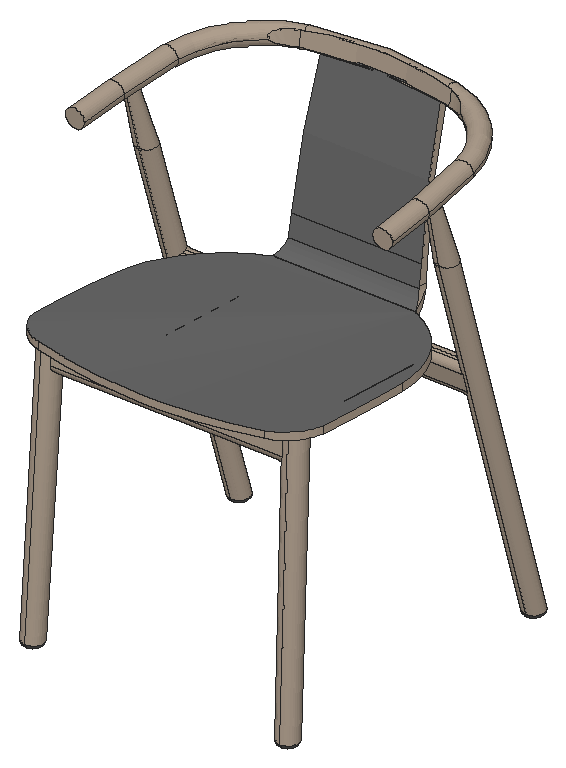
Revit family "Haworth_Bac_Chair", category Furniture, Revit 2018
Family settings
  OmniClass Number = 23.40.20.00
  OmniClass Title = General Furniture and Specialties
  Work Plane-Based = No
  Always vertical = Yes
  Cut with Voids When Loaded = No
  Shared = No
  Room Calculation Point = No
Parameters (values of type "HCCE-BAC-L")
  Width = "21 in."  # constant formula
  Warranty = "http://www.haworth.com/resources/product-info/warranties"
  URL - Product = "http://www.haworth.com/products/Seating/Visitor-Conference-Chairs/bac"
  URL = "http://www.haworth.com/our-brands/haworth-collection"
  Size = "Verify Final Dim. w/ Haworth"  # constant formula
  Seat Finish [instance] = Haworth _ Linoleum _ Black E8-307
  Revision = "4"  # constant formula
  Model = "HCCE-BAC-L"
  Manufacturer = "Haworth"  # constant formula
  Glide Finish = Haworth _ Polymer _ Black
  Depth = "20 in."  # constant formula
  Height = "29 in."  # constant formula
  Description = "Haworth Bac Chair"
  Base Finish [instance] = Haworth _ Wood _ Stained Ash _ White
  Author = "Haworth (Hampton)"  # constant formula
  Assembly Code = "E2020200"
Reference planes (in)
  plane 1 "Center Front/Back": y = 0
  plane 2: z = 0
  plane 3 "Center Left/Right": x = 0
  plane 4: z = 16.47948
  plane 5 "Side Support Bottom": through (-5.23079, -180, 15.03608) normal (-0.06, 0, 0.9982)
Forms (in)
  Extrusion 1, solid, material "Haworth _ Wood _ Stained Ash _ White" <- "Base Finish"
    sketch origin (0.25, 0, 0) x (0, -1, 0) y (0, 0, 1)
      loop
        line (-9.97751, 27.49659) -> (-10.38335, 27.33262)
        arc (-10.38335, 27.33262) -> (-9.14647, 23.17212) -> (-8.44602, 18.88854) r 34.2308
        arc (-8.44602, 18.88854) -> (-8.34881, 18.18128) -> (-8.19826, 17.48343) r 9.4093
        arc (-8.19826, 17.48343) -> (-7.73456, 16.77993) -> (-7.0414, 16.30091) r 2.21156
        line (-7.0414, 16.30091) -> (-7.0414, 16.7905)
        arc (-7.0414, 16.7905) -> (-7.47893, 17.14707) -> (-7.78232, 17.62302) r 1.77406
        arc (-7.78232, 17.62302) -> (-7.92074, 18.27309) -> (-8.01065, 18.93163) r 8.9718
        arc (-8.01065, 18.93163) -> (-8.72159, 23.27668) -> (-9.97751, 27.49659) r 34.6683
    from -5.50008 to 5.5
  Extrusion 2, void
    sketch origin (0.25, 0, 0) x (1, 0, 0) y (0, 0, 1)
      loop
        line (3.4933, 28.75685) -> (3.87678, 17.77535)
        arc (3.87678, 17.77535) -> (4.542, 16.53863) -> (5.92831, 16.31473) r 1.5861
        line (5.92831, 16.31473) -> (5.92831, 29.30328) -> (3.4933, 28.75685)
    from -11.82778 to -7.0414
  Extrusion 3, void
    sketch origin (-0.25, 0, 0) x (-1, 0, 0) y (0, 0, -1)
      loop
        line (3.4933, -28.75685) -> (5.92831, -29.30328) -> (5.92831, -16.31473)
        arc (5.92831, -16.31473) -> (4.542, -16.53863) -> (3.87678, -17.77535) r 1.5861
        line (3.87678, -17.77535) -> (3.4933, -28.75685)
    from -11.82778 to -7.0414
  SweptBlend 4, solid, material "Haworth _ Wood _ Stained Ash _ White" <- "Base Finish"
    path origin (0, -3.75, 0) x (0, 1, 0) y (0, 0, -1)
      loop
        line (10.79085, -16.79018) -> (-5.18246, -17.71394)
    profile origin (0, 7.04085, 16.79018) x (0, 0.057735, 0.998332) y (-1, 0, 0)
      loop
        line (-0.48842, -9.20693) -> (0.00035, -9.20693) -> (0.00035, 9.24269) -> (-0.48842, 9.24269) -> (-0.48842, -9.20693)
    end profile origin (0, -8.93246, 17.71394) x (0, 0.057735, 0.998332) y (-1, 0, 0)
      loop
        line (0.20154, 9.24269) -> (-0.23353, 9.28867)
        arc (-0.23353, 9.28867) -> (-0.72296, 0) -> (-0.23353, -9.28867) r 88.38866
        line (-0.23353, -9.28867) -> (0.20154, -9.24269)
        arc (0.20154, -9.24269) -> (-0.28546, 0) -> (0.20154, 9.24269) r 87.95116
  Extrusion 5, void
    sketch origin (0, 0, 0) x (0, -1, 0) y (1, 0, 0)
      loop
        arc (-0.34474, 8.97738) -> (2.83448, 9.11081) -> (6.01648, 9.10432) r 72.35014
        arc (6.01648, 9.10432) -> (7.42448, 8.45634) -> (8.1691, 7.09697) r 2.46978
        arc (8.1691, 7.09697) -> (8.81656, 0) -> (8.1691, -7.09697) r 39.21981
        arc (8.1691, -7.09697) -> (7.42448, -8.45634) -> (6.01648, -9.10432) r 2.46978
        arc (6.01648, -9.10432) -> (2.83448, -9.11081) -> (-0.34474, -8.97738) r 72.35014
        arc (-0.34474, -8.97738) -> (-4.25801, -7.64909) -> (-6.97356, -4.53401) r 7.93926
        line (-6.97356, -4.53401) -> (-8.48329, -4.1011) -> (-9.40132, -11.5) -> (12.59868, -11.5) -> (12.59868, 0) -> (12.59868, 11.5) -> (-9.40132, 11.5) -> (-8.48329, 4.1011) -> (-6.97356, 4.53401)
        arc (-6.97356, 4.53401) -> (-4.25801, 7.64909) -> (-0.34474, 8.97738) r 7.93926
    from 15.56636 to 18.1434
  Blend 6, solid, material "Haworth _ Wood _ Stained Ash _ White" <- "Base Finish"
    base sketch origin (0, 0, 0) x (0, -1, 0) y (1, 0, 0)
      loop
        circle (7.48387, -8.04225) r 0.625
    top sketch origin (0, 0, 0) x (0, -1, 0) y (1, 0, 0)
      loop
        circle (6.47099, -7.74412) r 0.68674
    from 0.20929 to 17.18177
  Revolve 7, solid, material "Haworth _ Polymer _ Black" <- "Glide Finish"
    sketch origin (-8.04225, 0, 0) x (0, -1, 0) y (0, 0, 1)
      loop
        line (7.48387, 0.20929) -> (7.48387, 0) -> (7.93637, 0)
        arc (7.93637, 0) -> (8.05115, 0.08113) -> (8.10887, 0.20929) r 0.26718
        line (8.10887, 0.20929) -> (7.48387, 0.20929)
      axis (7.48387, 0.20929) -> (7.48387, 0)
    angle from 0 to 360
  Blend 8, solid, material "Haworth _ Wood _ Stained Ash _ White" <- "Base Finish"
    base sketch origin (0, 0, 0) x (0, -1, 0) y (1, 0, 0)
      loop
        circle (7.48387, 8.04225) r 0.625
    top sketch origin (0, 0, 0) x (0, -1, 0) y (1, 0, 0)
      loop
        circle (6.47099, 7.74412) r 0.68674
    from 0.20929 to 17.18177
  Revolve 9, solid, material "Haworth _ Polymer _ Black" <- "Glide Finish"
    sketch origin (8.04225, 0, 0) x (0, -1, 0) y (0, 0, -1)
      loop
        line (7.48387, -0.20929) -> (8.10887, -0.20929)
        arc (8.10887, -0.20929) -> (8.05115, -0.08113) -> (7.93637, 0) r 0.26718
        line (7.93637, 0) -> (7.48387, 0) -> (7.48387, -0.20929)
      axis (7.48387, -0.20929) -> (7.48387, 0)
    angle from 0 to 360
  Revolve 10, solid, material "Haworth _ Polymer _ Black" <- "Glide Finish"
    sketch origin (-9.2895, 17.81921, 0) x (0, -1, 0) y (0, 0, 1)
      loop
        line (7.48387, 0.20929) -> (7.48387, 0) -> (7.93637, 0)
        arc (7.93637, 0) -> (8.05115, 0.08113) -> (8.10887, 0.20929) r 0.26718
        line (8.10887, 0.20929) -> (7.48387, 0.20929)
      axis (7.48387, 0.20929) -> (7.48387, 0)
    angle from 0 to 360
  Blend 11, solid, material "Haworth _ Wood _ Stained Ash _ White" <- "Base Finish"
    base sketch origin (0, -0.04229, 0) x (0, -1, 0) y (1, 0, 0)
      loop
        circle (-10.37629, -9.2895) r 0.62366
    top sketch origin (0, -0.04229, 0) x (0, -1, 0) y (1, 0, 0)
      loop
        circle (-3.29662, -9.48354) r 0.625
    from 0.20929 to 23.0496
  Blend 12, solid, material "Haworth _ Wood _ Stained Ash _ White" <- "Base Finish"
    base sketch origin (0, 0, 0) x (0, -1, 0) y (1, 0, 0)
      loop
        circle (-3.25446, -9.48381) r 0.625
    top sketch origin (0, 0, 0) x (0, -1, 0) y (1, 0, 0)
      loop
        circle (-2.14176, -9.55574) r 0.40977
    from 23.0496 to 26.65264
  Revolve 13, solid, material "Haworth _ Polymer _ Black" <- "Glide Finish"
    sketch origin (9.2895, 17.81921, 0) x (0, -1, 0) y (0, 0, -1)
      loop
        line (7.48387, -0.20929) -> (8.10887, -0.20929)
        arc (8.10887, -0.20929) -> (8.05115, -0.08113) -> (7.93637, 0) r 0.26718
        line (7.93637, 0) -> (7.48387, 0) -> (7.48387, -0.20929)
      axis (7.48387, -0.20929) -> (7.48387, 0)
    angle from 0 to 360
  Blend 14, solid, material "Haworth _ Wood _ Stained Ash _ White" <- "Base Finish"
    base sketch origin (0, -0.04229, 0) x (0, -1, 0) y (1, 0, 0)
      loop
        circle (-10.37629, 9.2895) r 0.62366
    top sketch origin (0, -0.04229, 0) x (0, -1, 0) y (1, 0, 0)
      loop
        circle (-3.29662, 9.48354) r 0.625
    from 0.20929 to 23.0496
  Blend 15, solid, material "Haworth _ Wood _ Stained Ash _ White" <- "Base Finish"
    base sketch origin (0, 0, 0) x (0, -1, 0) y (1, 0, 0)
      loop
        circle (-3.25446, 9.48381) r 0.625
    top sketch origin (0, 0, 0) x (0, -1, 0) y (1, 0, 0)
      loop
        circle (-2.14176, 9.55574) r 0.40977
    from 23.0496 to 26.65264
  Extrusion 16, solid, material "Haworth _ Wood _ Stained Ash _ White" <- "Base Finish"
    sketch origin (0, 0.06004, -0.28021) x (0, -1, 0) y (0, 0, 1)
      loop
        line (-5.27723, 14.88548) -> (-4.92548, 16.0262)
        arc (-4.92548, 16.0262) -> (-4.95603, 16.33178) -> (-5.19604, 16.52338) r 0.3955
        line (-5.19604, 16.52338) -> (-5.40481, 16.58831)
        arc (-5.40481, 16.58831) -> (-5.70892, 16.56049) -> (-5.90429, 16.32579) r 0.399
        line (-5.90429, 16.32579) -> (-6.2538, 15.19232)
        arc (-6.2538, 15.19232) -> (-6.22504, 14.88785) -> (-5.98917, 14.69318) r 0.399
        line (-5.98917, 14.69318) -> (-5.78009, 14.62926)
        arc (-5.78009, 14.62926) -> (-5.47491, 14.65189) -> (-5.27723, 14.88548) r 0.3955
    from -9.22248 to 9.33228
  Extrusion 17, solid, material "Haworth _ Wood _ Stained Ash _ White" <- "Base Finish"
    sketch origin (0, 0, 0) x (0, -1, 0) y (0, 0, 1)
      loop
        arc (6.20403, 15.72365) -> (6.33759, 15.45594) -> (6.61779, 15.35109) r 0.40843
        line (6.61779, 15.35109) -> (6.69636, 15.35521)
        arc (6.69636, 15.35521) -> (6.96498, 15.48797) -> (7.06898, 15.76898) r 0.40529
        line (7.06898, 15.76898) -> (6.99747, 17.13351) -> (6.08657, 17.058) -> (6.20403, 15.72365)
    from -7.33303 to 7.36496
  Sweep 18, solid, material "Haworth _ Wood _ Stained Ash _ White" <- "Base Finish"
    path origin (-11, 0, 0.25) x (0, -1, 0) y (0, 0, 1)
      loop
        line (6.20403, 15.72365) -> (-5.23079, 15.03608)
    profile origin (-11, -0.48662, 15.62987) x (0, -0.060021, -0.998197) y (-1, 0, 0)
      loop
        line (-0.05762, -5.06607) -> (-1.01066, -5.06568) -> (-0.91921, -5.93574) -> (-0.05762, -5.93574)
        arc (-0.05762, -5.93574) -> (0.22476, -5.82226) -> (0.34513, -5.54275) r 0.39924
        line (0.34513, -5.54275) -> (0.34513, -5.45907)
        arc (0.34513, -5.45907) -> (0.22476, -5.17955) -> (-0.05762, -5.06607) r 0.39924
  Sweep 19, solid, material "Haworth _ Wood _ Stained Ash _ White" <- "Base Finish"
    path origin (11, 0, 0.25) x (0, -1, 0) y (0, 0, -1)
      loop
        line (6.20403, -15.72365) -> (-5.23079, -15.03608)
    profile origin (11, -0.48662, 15.62987) x (0, 0.060021, 0.998197) y (1, 0, 0)
      loop
        arc (0.05762, -5.06607) -> (-0.22476, -5.17955) -> (-0.34513, -5.45907) r 0.39924
        line (-0.34513, -5.45907) -> (-0.34513, -5.54275)
        arc (-0.34513, -5.54275) -> (-0.22476, -5.82226) -> (0.05762, -5.93574) r 0.39924
        line (0.05762, -5.93574) -> (0.91921, -5.93574) -> (1.01066, -5.06568) -> (0.05762, -5.06607)
  Sweep 20, solid, material "Haworth _ Wood _ Stained Ash _ White" <- "Base Finish"
    path origin (0, -3.12516, 26.60231) x (0, -0.995171, -0.09816) y (-1, 0, 0)
      loop
        line (-1.05729, -9.702) -> (-4.05546, -9.5973)
        arc (-4.05546, -9.5973) -> (-6.01512, -9.47744) -> (-7.96581, -9.25519) r 37.50088
        arc (-7.96581, -9.25519) -> (-11.22893, -7.69876) -> (-13.00919, -4.55216) r 6.01136
        arc (-13.00919, -4.55216) -> (-13.48764, 0) -> (-13.00919, 4.55216) r 21.89469
        arc (-13.00919, 4.55216) -> (-11.22893, 7.69876) -> (-7.96581, 9.25519) r 6.01136
        arc (-7.96581, 9.25519) -> (-6.01512, 9.47744) -> (-4.05546, 9.5973) r 37.50088
        line (-4.05546, 9.5973) -> (-1.05729, 9.702)
    profile origin (9.64965, -0.58113, 26.85324) x (0.999391, 0.034731, 0.003426) y (0, 0.09816, -0.995171)
      loop
        circle (0, -0.02454) r 0.6064
  Blend 21, void
    base sketch origin (0, -0.25, 26.62474) x (0, 1, 0) y (-1, 0, 0)
      loop
        arc (9.08319, -5.63683) -> (9.33261, -5.20144) -> (9.50581, -4.73052) r 2.99398
        arc (9.50581, -4.73052) -> (10.14483, 0) -> (9.50581, 4.73052) r 17.82893
        arc (9.50581, 4.73052) -> (9.33863, 5.18845) -> (9.09935, 5.61317) r 2.99398
        line (9.09935, 5.61317) -> (8.33319, 5.61317) -> (8.33319, -5.63683) -> (9.08319, -5.63683)
    top sketch origin (0, -0.25, 26.62474) x (0, 1, 0) y (-1, 0, 0)
      loop
        arc (9.74685, 4.79685) -> (9.23286, 5.85755) -> (8.37383, 6.66459) r 3.24398
        line (8.37383, 6.66459) -> (7.85179, 6.66459) -> (7.85179, -6.66459) -> (8.37383, -6.66459)
        arc (8.37383, -6.66459) -> (9.23286, -5.85755) -> (9.74685, -4.79685) r 3.24398
        arc (9.74685, -4.79685) -> (10.39483, 0) -> (9.74685, 4.79685) r 18.07893
    from 0 to 2.25
Cuts and joins
  Extrusion 5 cuts SweptBlend 4
  Blend 21 cuts Blend 6
  Blend 21 cuts Blend 8
  Blend 21 cuts Blend 11
  Blend 21 cuts Blend 12
  Blend 21 cuts Blend 14
  Blend 21 cuts Blend 15
  Blend 21 cuts Extrusion 16
  Blend 21 cuts Extrusion 17
  Blend 21 cuts Sweep 18
  Blend 21 cuts Sweep 19
  joined: Blend 6, Blend 8, Blend 11, Blend 12, Blend 14, Blend 15, Extrusion 16, Extrusion 17, Sweep 18, Sweep 19
  Extrusion 2, Extrusion 3, Extrusion 5 cuts Extrusion 1
  Blend 21 cuts Sweep 20
Lines and regions (in)
  Masking region 1
    outline origin (0, 0, 0) x (0, -1, 0) y (1, 0, 0)
      loop
        arc (6.01648, 9.10432) -> (2.83448, 9.11081) -> (-0.34474, 8.97738) r 72.35014
        arc (-0.34474, 8.97738) -> (-4.25801, 7.64909) -> (-6.97356, 4.53401) r 7.93926
        arc (-6.97356, 4.53401) -> (-8.12348, 4.10421) -> (-9.32578, 3.85624) r 7.96455
        arc (-9.32578, 3.85624) -> (-9.55103, 0) -> (-9.32578, -3.85624) r 33.12153
        arc (-9.32578, -3.85624) -> (-8.12348, -4.10421) -> (-6.97356, -4.53401) r 7.96455
        arc (-6.97356, -4.53401) -> (-4.25801, -7.64909) -> (-0.34474, -8.97738) r 7.93926
        arc (-0.34474, -8.97738) -> (2.83448, -9.11081) -> (6.01648, -9.10432) r 72.35014
        arc (6.01648, -9.10432) -> (7.42448, -8.45634) -> (8.1691, -7.09697) r 2.46978
        arc (8.1691, -7.09697) -> (8.81656, 0) -> (8.1691, 7.09697) r 39.21981
        arc (8.1691, 7.09697) -> (7.42448, 8.45634) -> (6.01648, 9.10432) r 2.46978
  Masking region 2
    outline origin (0, 0, 0) x (0, -1, 0) y (1, 0, 0)
      loop
        line (2.09645, 9.09517) -> (2.09645, 10.34597)
        arc (2.09645, 10.34597) -> (-1.39922, 10.16184) -> (-4.8865, 9.85767) r 101.84089
        arc (-4.8865, 9.85767) -> (-8.68828, 8.0026) -> (-10.54336, 4.20082) r 6.5
        arc (-10.54336, 4.20082) -> (-10.80103, 0) -> (-10.54336, -4.20082) r 34.37153
        arc (-10.54336, -4.20082) -> (-8.68828, -8.0026) -> (-4.8865, -9.85767) r 6.5
        arc (-4.8865, -9.85767) -> (-1.39922, -10.16184) -> (2.09645, -10.34597) r 101.84089
        line (2.09645, -10.34597) -> (2.09645, -9.09517)
        arc (2.09645, -9.09517) -> (-1.32813, -8.91375) -> (-4.74453, -8.6157) r 100.59089
        arc (-4.74453, -8.6157) -> (-7.80824, -7.11486) -> (-9.30273, -4.04805) r 5.25
        arc (-9.30273, -4.04805) -> (-9.55103, 0) -> (-9.30273, 4.04805) r 33.12153
        arc (-9.30273, 4.04805) -> (-7.80824, 7.11486) -> (-4.74453, 8.6157) r 5.25
        arc (-4.74453, 8.6157) -> (-1.32813, 8.91375) -> (2.09645, 9.09517) r 100.59089
